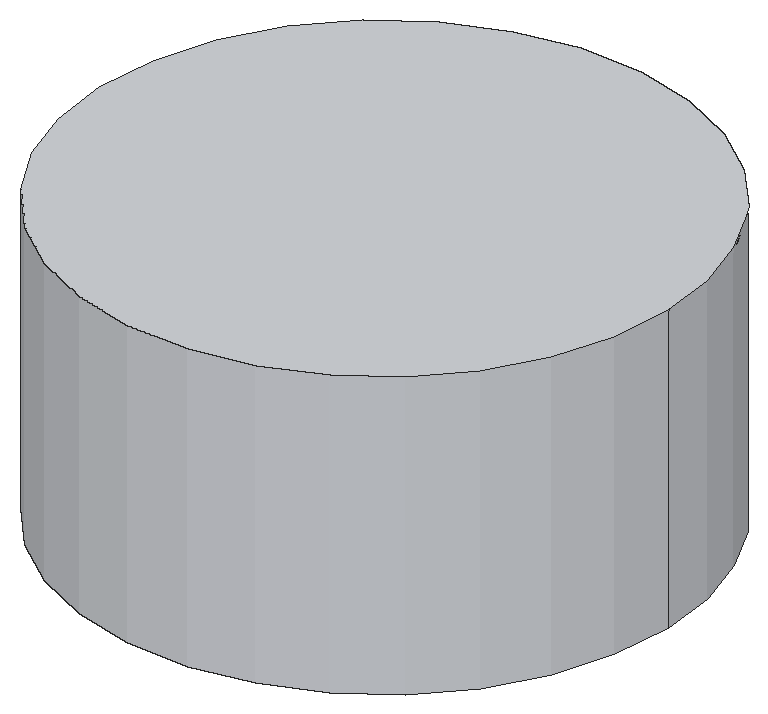
Revit family "07864000", category Generic Models, Revit 2020
Family settings
  Can host rebar = No
  Round Connector Dimension = Use Diameter
  Part Type = Normal
  Work Plane-Based = No
  Always vertical = Yes
  Cut with Voids When Loaded = No
  Shared = No
  Room Calculation Point = No
Parameters (values of type "RBKP-4GN")
  URL = "https://www.rustfriebergh.no/produkter/kj-lebr-nner-og-kj-leplater-pa-stativ/kj-leplate-pa-stativ-rbkp/"
  Model = "07864000"
  Manufacturer = "RUSTFRIEBERGH AS"
  Description = "RBKP-4GN"
  Default Elevation = 0 mm
Reference planes
  plane 1 "Center (Front/Back)": y = 0
  plane 2: z = 0
  plane 3 "Center (Left/Right)": x = 0
Forms (mm)
  Extrusion 1, solid
    sketch origin (372.045, 562.344, -267.496) x (1, 0, 0) y (0, 1, 0)
      loop
        circle (0, 0) r 3.048
    from 0 to -3.048
Dimensions and locks
  aligned and locked: level to plane 2
Connectors
  electrical at (372.045, 562.344, -267.496)
    settings: on Extrusion 1, index 1, voltage 230 V, apparent load 0 VA, apparent load phase1 0 VA, apparent load phase2 0 VA, apparent load phase3 0 VA, power factor 0, load classification "Other", number of poles 1, system type 30, power factor state 1, is connector primary yes, connector utility no, sub classification motor no, connector description "STRØMART 230 V - 1 – 50 HZ – 700 W"
